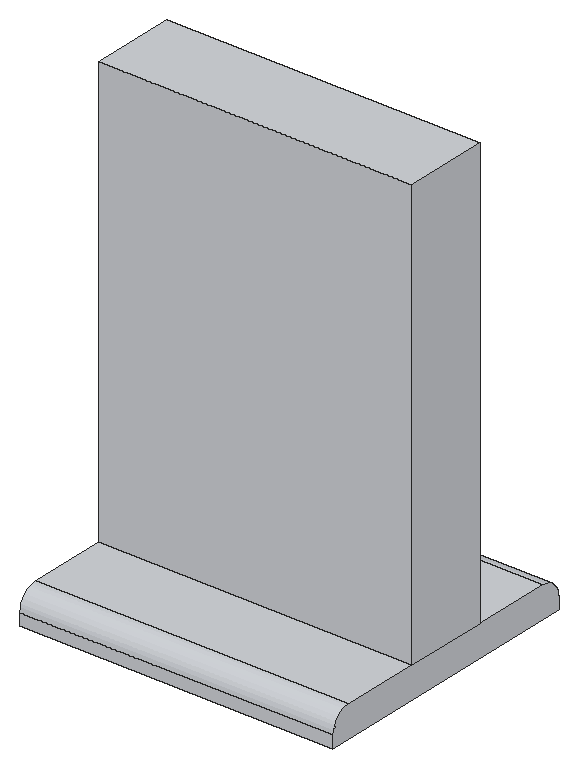
Revit family "Building-SurfaceMountingEnclosures-GEWISS-42TV-WORKBENCH_TOWER-IP55", category Attrezzatura elettrica, Revit 2016
Family settings
  Configurazione quadro = Due colonne, circuiti in orizzontale
  Tipo di parte = Pannello comandi
  Quota connettore circolare = Usa diametro
  Numero OmniClass = 23.60.00.00
  Titolo OmniClass = General Purpose: Services
  Basato su piano di lavoro = No
  Sempre verticale = Sì
  Taglio con vuoti quando caricato = No
  Condiviso = No
  Punto di calcolo locali = Sì
Parameters (values of type "GW68441 - FLOOR M.TOWER 295X200X180 IP55")
  Working temperature = "-25 +40 °C"
  Version file RFA = "18.0"
  URL = "https://www.gewiss.com/ww/en"
  Torretta in pianta [instance] = yes
  Torretta = none
  Thermo-pressure with ball = "70 °C"
  Technical sheet = "https://www.gewiss.com/ww/en/search?q=GW68441"
  Spessore torretta = 54 mm  # constant formula
  Simbol acceso [instance] = yes
  Shock resistance = "IK08"
  SEO = "Tower"
  Realized by GEWISS S.p.A. = ""
  Produttore = "GEWISS S.p.A."
  Outer dim. LxHxD (mm) = "200x295x180"
  Operating temperature: = "-25 +40 °C"
  Modello = "GW68441"
  Potenza in watt = 0 V
  Numero poli = 1
  Lunghezza torretta = 200 mm  # constant formula
  Insulation class = "II"
  Installable Q-DIN boards = "Q-DIN 5"
  Immagine tipo = GW68441.jpg
  IP degree = "IP55"
  IFC.TypeObject = ""
  IFC.ExportType = ""
  IFC.ExportAs = ""
  IDT = "63329205-fc50-4150-ad5f-9bf692c0f363"
  IDF = "07b33a41-a608-41c2-9237-38cd567f3d24"
  Houseable IB socket-outlets = "16/32 A"
  Glow Wire Test = "650°C"
  Electrocod = "2202"
  EAN code = "8011564033528"
  Diametro entrata corrugati = 50 mm
  Descrizione = "FLOOR M.TOWER 295X200X180 IP55"
  Colour = "Grey RAL 7035"
  Characteristics = "Halogen free"
  Catalogue Range = "42 TV"
  Catalogue = "BUILDING"
  COBie.Tagnumber = ""
  COBie.CreatedOn = ""
  COBie.CreatebBy = ""
  COBie.ComponentRegisterItemID = ""
  COBie.Component.TagNumber = ""
  COBie.Component.Space = ""
  COBie.Component.SerialNumber = ""
  COBie.Component.InstallationDate = ""
  COBie.Component.Description = ""
  COBie.Component.BarCode = ""
  Bordo acceso [instance] = yes
  Basamento = 180 mm  # constant formula
  Altezza torretta = 295 mm  # constant formula
Reference planes
  plane 1 "Centro (Fronte/Retro)": y = 0
  plane 2: z = 0
  plane 3 "Centro (Sinistra/Destra)": x = 0
  plane 4 "dx": x = 200
  plane 5: z = 295
  plane 6: z = 20
  plane 7: x = -200
  plane 8: y = -90
  plane 9: y = 90
  plane 10: y = 27
  plane 11: y = -27
  plane 12: y = -75
  plane 13: y = 75
  plane 14: z = 158.968
  plane 15: z = 445.868
  plane 16: x = 345.025
  plane 17 "aaa": through (-166.016, -1524, -214.6) normal (-0.5875, 0, 0.8092)
Forms (mm)
  Extrusion 1, solid, material <- "Torretta", visible <- "Torretta in pianta"
    sketch origin (0, 0, 0) x (1, 0, 0) y (0, 1, 0)
      loop
        line (0, -27) -> (200, -27) -> (200, 27) -> (0, 27) -> (0, -27)
    from 20 to 295
  Extrusion 2, solid, material <- "Torretta", visible <- "Torretta in pianta"
    sketch origin (0, 0, 0) x (0, 1, 0) y (0, 0, 1)
      loop
        line (-90, 0) -> (90, 0) -> (90, 7.501)
        arc (90, 7.501) -> (86.339, 16.339) -> (77.501, 20) r 12.499
        line (77.501, 20) -> (-77.501, 20)
        arc (-77.501, 20) -> (-86.339, 16.339) -> (-90, 7.501) r 12.499
        line (-90, 7.501) -> (-90, 0)
    from 0 to 200
Dimensions and locks
  plane 7 to plane 4 "dx" = 400 mm
  "Altezza torretta": plane 5 to level
  locked: plane 6 to level at 20
  equal spacing: plane 8, plane 1 "Centro (Fronte/Retro)", plane 9
  "Basamento": plane 8 to plane 9
  equal spacing: plane 9, plane 1 "Centro (Fronte/Retro)", plane 8
  equal spacing: plane 10, plane 1 "Centro (Fronte/Retro)", plane 11
  "Spessore torretta": plane 10 to plane 11
  locked: plane 8 to plane 12 at 15
  locked: plane 13 to plane 9 at 15
  plane 3 "Centro (Sinistra/Destra)" to Extrusion 1 = 200 mm
  level to Extrusion 2 = 20 mm
  radius of Extrusion 2 sketch curve = 12.499 mm  (x2)
  angle level to plane 17 "aaa" = 35.9806°
  aligned and locked: level to plane 2
  aligned and locked: plane 4 "dx" to Extrusion 1 sketch curve
  aligned and locked: plane 10 to Extrusion 1 sketch curve
  aligned and locked: Extrusion 1 sketch curve to plane 11
  aligned and locked: plane 5 to Extrusion 1
  aligned and locked: Extrusion 1 to plane 6
  aligned and locked: Extrusion 2 sketch curve to level
  aligned and locked: Extrusion 2 sketch curve to plane 6
  aligned and locked: Extrusion 2 sketch curve to plane 8
  aligned and locked: plane 4 "dx" to Extrusion 2
  aligned and locked: plane 1 "Centro (Fronte/Retro)" to nested 1
Automatic sketch dimensions
  plane 7 to Extrusion 1 sketch curve = 200 mm
  plane 9 to Extrusion 2 sketch curve = 0 mm
Nested families
  nested 1: "TORRETTAPAV" at (100.004, 0, 0), BORDO ACCESO <- "Bordo acceso", SIMBOLO ACCESO <- "Simbol acceso", type "CENTREMERG"
    with SIMBOLO ACCESO yes, Distanza dal muro 27 mm, BORDO ACCESO yes
Connectors
  electrical at (100, 0, 0), driven by "Numero poli", driven by "Potenza in watt"
    settings: on Extrusion 2, index 1, voltage 0 V, apparent load 0 VA, apparent load phase1 0 VA, apparent load phase2 0 VA, apparent load phase3 0 VA, power factor 1, load classification "Altro", number of poles 1, system type 31, power factor state 1, is connector primary yes, connector utility no, sub classification motor no, connector description ""
  cabletrayconduit at (200, 0, 9.167), diameter 50, driven by "Diametro entrata corrugati"
    settings: on Extrusion 2, index 2, connector width 300 mm, connector height 300 mm, connector angle 0.00°, system type 32, placement type 0, profile type 0, connector reference index -1, is primary connector yes, connector utility param no, connector description ""
  cabletrayconduit at (0, 0, 9.167), diameter 50, driven by "Diametro entrata corrugati"
    settings: on Extrusion 2, index 3, connector width 300 mm, connector height 300 mm, connector angle 0.00°, system type 32, placement type 0, profile type 0, connector reference index -1, is primary connector no, connector utility param no, connector description ""
Definition of nested family "TORRETTAPAV"
  Parameters (values of type "CENTREMERG")
    SIMBOLO ACCESO [instance] = yes
    Distanza dal muro [instance] = 4.208 mm
    BORDO ACCESO [instance] = yes
  Reference planes
    plane 1: y = 0
    plane 2: x = 0
  Dimensions and locks
    aligned and locked: plane 2 to nested 1
    aligned and locked: plane 1 to nested 1
  Nested families
    nested 1: "TORRETTAPAV_BASE" at (0, 0, 0), BORDO ACCESO <- "BORDO ACCESO", SIMBOLO ACCESO <- "SIMBOLO ACCESO", type "TORRETTAPAV"
      with BORDO ACCESO yes
  Definition of nested family "TORRETTAPAV_BASE"
    Parameters (values of type "TORRETTAPAV")
      SIMBOLO ACCESO [instance] = yes
      Distanza dal muro = 4.208 mm
      BORDO ACCESO [instance] = yes
    Reference planes
      plane 1: y = 0
      plane 2: x = 0
    Lines and regions (mm)
      detail lines, visible <- "BORDO ACCESO", not visible
        curve 1: line (-2.443, 10.208, 0) -> (2.057, 10.208, 0)
        curve 2: line (2.057, 10.208, 0) -> (2.057, 4.208, 0)
        curve 3: line (2.057, 4.208, 0) -> (-2.443, 4.208, 0)
        curve 4: line (-2.443, 4.208, 0) -> (-2.443, 10.208, 0)
        curve 5: line (-2.043, 9.808, 0) -> (1.657, 9.808, 0)
        curve 6: line (1.657, 9.808, 0) -> (1.657, 4.608, 0)
        curve 7: line (1.657, 4.608, 0) -> (-2.043, 4.608, 0)
        curve 8: line (-2.043, 4.608, 0) -> (-2.043, 9.808, 0)
      detail lines, visible <- "SIMBOLO ACCESO"
        curve 9: line (-0.581, 2.034, 0) -> (0.581, 2.034, 0)
        curve 10: line (0.581, 2.034, 0) -> (0.581, 0.872, 0)
        curve 11: line (0.581, 0.872, 0) -> (-0.581, 0.872, 0)
        curve 12: line (-0.581, 0.872, 0) -> (-0.581, 2.034, 0)
        curve 13: line (-0.581, 2.034, 0) -> (-0.291, 2.034, 0)
        curve 14: line (-0.291, 2.034, 0) -> (-0.291, 1.744, 0)
        curve 15: line (-0.291, 1.744, 0) -> (-0.581, 1.744, 0)
        curve 16: line (-0.581, 1.744, 0) -> (-0.581, 2.034, 0)
        curve 17: line (0.291, 0.872, 0) -> (0.291, 1.163, 0)
        curve 18: line (0.291, 1.163, 0) -> (0.581, 1.163, 0)
        curve 19: line (0.581, 1.163, 0) -> (0.581, 0.872, 0)
        curve 20: line (0.581, 0.872, 0) -> (0.291, 0.872, 0)
        curve 21: line (0, 0.872, 0) -> (0, 0.291, 0)
        curve 22: line (-0.872, 0.291, 0) -> (0.872, 0.291, 0)
        curve 23: line (-0.291, 0.291, 0) -> (-0.291, 0, 0)
        curve 24: line (-0.291, 0, 0) -> (0.291, 0, 0)
        curve 25: line (0.291, 0, 0) -> (0.291, 0.291, 0)
        curve 26: line (-0.426, 0.291, 0) -> (-0.577, 0.145, 0)
        curve 27: line (-0.716, 0.291, 0) -> (-0.856, 0.145, 0)
        curve 28: line (-0.581, 0.291, 0) -> (-0.721, 0.145, 0)
        curve 29: line (0.737, 0.291, 0) -> (0.586, 0.145, 0)
        curve 30: line (0.446, 0.291, 0) -> (0.291, 0.128, 0)
        curve 31: line (0.581, 0.291, 0) -> (0.442, 0.145, 0)
